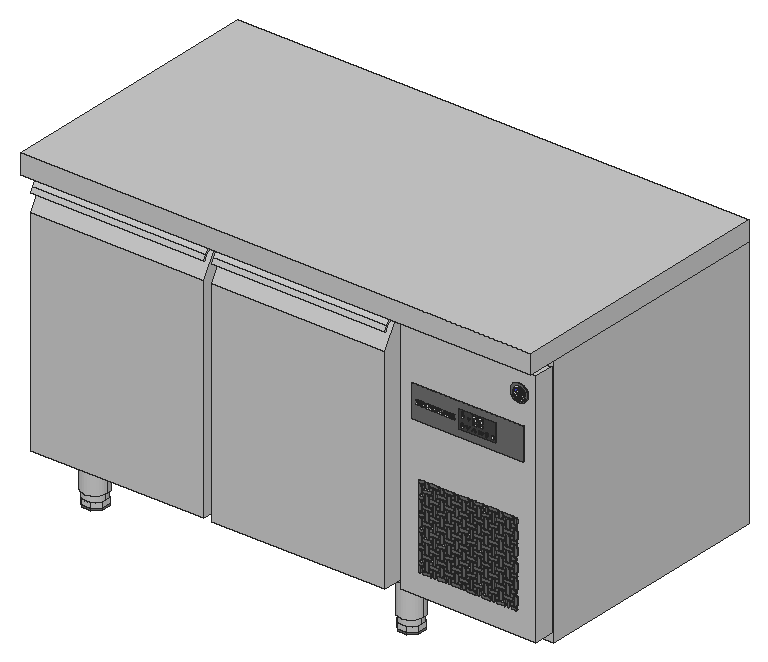
Revit family "QF_HOSHIZAKI_899000840", category Specialty Equipment, Revit 2016 (continued)
Definition of nested family "QF_HOSHIZAKI_ADVANCE_REF-COUNTER-DOORS-DRAWERS"
  Definition of nested family "3_Drawers_1-3"
    Parameters (values of type "3 Drawers 1-3")
      Section size [instance] = 446 mm
      Model = ""
      Manufacturer = "DEMO CONSULTANT"
      Legs height [instance] = 150 mm
      Height Actual [instance] = 850 mm
      Description = ""
      Depth Actual [instance] = 700 mm
      Assembly Code = "E1090320"
      3 Drawers = yes
    Reference planes
      plane 1 "Back": y = 0
      plane 2: z = 0
      plane 3 "Left": x = 0
      plane 4 "Right": x = 446
      plane 5 "Front": y = -700
      plane 6 "Top": z = 850
      plane 7 "Front door": y = -633
      plane 8 "Bottom shelf": z = 150
      plane 9 "Worktop bottom": z = 800
      plane 10: z = 784
      plane 11: z = 170
      plane 12: z = 584
      plane 13: z = 577
      plane 14: z = 370
      plane 15: z = 377
      plane 16: z = 580.5
      plane 17: z = 373.5
      plane 18: z = 166.5
      plane 19: z = 787.5
    Forms (mm)
      Extrusion 1, solid, visible <- "3 Drawers"
        sketch origin (860, -633, 4000) x (-1, 0, 0) y (0, 0, 1)
          loop
            line (852, -3224) -> (422, -3224) -> (422, -3408) -> (852, -3408) -> (852, -3224)
          loop
            line (823, -3253) -> (451, -3253) -> (451, -3379) -> (823, -3379) -> (823, -3253)
        from 0 to -11
      Extrusion 2, solid, visible <- "3 Drawers"
        sketch origin (0, 0, 0) x (0, 1, 0) y (0, 0, 1)
          loop
            line (-644, 784) -> (-675.296, 784)
            arc (-675.296, 784) -> (-683.245, 781.721) -> (-688.778, 775.576) r 15
            line (-688.778, 775.576) -> (-694, 764.869) -> (-692.202, 763.992) -> (-686.981, 774.699)
            arc (-686.981, 774.699) -> (-682.185, 780.025) -> (-675.296, 782) r 13
            line (-675.296, 782) -> (-656.484, 782) -> (-694, 717.02) -> (-694, 584) -> (-644, 584) -> (-644, 784)
        from 0 to 446
      Extrusion 3, solid, visible <- "3 Drawers"
        sketch origin (0, 0, -237.3) x (0, 1, 0) y (0, 0, 1)
          loop
            line (-644, 814.3) -> (-675.296, 814.3)
            arc (-675.296, 814.3) -> (-683.245, 812.021) -> (-688.778, 805.876) r 15
            line (-688.778, 805.876) -> (-694, 795.169) -> (-692.202, 794.292) -> (-686.981, 804.999)
            arc (-686.981, 804.999) -> (-682.185, 810.325) -> (-675.296, 812.3) r 13
            line (-675.296, 812.3) -> (-656.484, 812.3) -> (-694, 747.32) -> (-694, 614.3) -> (-644, 614.3) -> (-644, 814.3)
        from 0 to 446
      Extrusion 4, solid, visible <- "3 Drawers"
        sketch origin (0, 0, -463.333) x (0, 1, 0) y (0, 0, 1)
          loop
            line (-644, 833.333) -> (-675.296, 833.333)
            arc (-675.296, 833.333) -> (-683.245, 831.054) -> (-688.778, 824.909) r 15
            line (-688.778, 824.909) -> (-694, 814.202) -> (-692.202, 813.326) -> (-686.981, 824.032)
            arc (-686.981, 824.032) -> (-682.185, 829.358) -> (-675.296, 831.333) r 13
            line (-675.296, 831.333) -> (-656.484, 831.333) -> (-694, 766.353) -> (-694, 633.333) -> (-644, 633.333) -> (-644, 833.333)
        from 0 to 446
      Extrusion 5, solid, visible <- "3 Drawers"
        sketch origin (860, -633, 3773.7) x (-1, 0, 0) y (0, 0, 1)
          loop
            line (852, -3204.7) -> (422, -3204.7) -> (422, -3388.7) -> (852, -3388.7) -> (852, -3204.7)
          loop
            line (823, -3233.7) -> (451, -3233.7) -> (451, -3359.7) -> (823, -3359.7) -> (823, -3233.7)
        from 0 to -11
      Extrusion 6, solid, visible <- "3 Drawers"
        sketch origin (860, -633, 3547) x (-1, 0, 0) y (0, 0, 1)
          loop
            line (852, -3185) -> (422, -3185) -> (422, -3369) -> (852, -3369) -> (852, -3185)
          loop
            line (823, -3214) -> (451, -3214) -> (451, -3340) -> (823, -3340) -> (823, -3214)
        from 0 to -11
      Extrusion 7, solid, visible <- "3 Drawers", detail levels coarse
        sketch origin (0, -608.657, 584) x (0, 1, 0) y (-1, 0, 0)
          loop
            line (-85.343, 0) -> (-551.343, 0) -> (-551.343, -446) -> (-85.343, -446) -> (-85.343, 0)
        from 0 to 200
      Extrusion 8, solid, visible <- "3 Drawers", detail levels coarse
        sketch origin (0, -503.657, 377) x (0, 1, 0) y (-1, 0, 0)
          loop
            line (-190.343, 0) -> (-656.343, 0) -> (-656.343, -446) -> (-190.343, -446) -> (-190.343, 0)
        from 0 to 200
      Extrusion 9, solid, visible <- "3 Drawers", detail levels coarse
        sketch origin (0, -343.657, 170) x (0, 1, 0) y (-1, 0, 0)
          loop
            line (-350.343, 0) -> (-816.343, 0) -> (-816.343, -446) -> (-350.343, -446) -> (-350.343, 0)
        from 0 to 200
    Lines and regions (mm)
      symbolic lines, visible <- "3 Drawers"
        curve 1: line (0, -808, 850) -> (0, -854, 850)
        curve 2: line (0, -854, 850) -> (446, -854, 850)
        curve 3: line (446, -854, 850) -> (446, -808, 850)
        curve 4: line (446, -808, 850) -> (0, -808, 850)
        curve 5: line (416, -808, 850) -> (416, -700, 850)
        curve 6: line (30, -808, 850) -> (30, -700, 850)
        curve 7: line (0, -961, 850) -> (0, -1007, 850)
        curve 8: line (0, -1007, 850) -> (446, -1007, 850)
        curve 9: line (446, -1007, 850) -> (446, -961, 850)
        curve 10: line (446, -961, 850) -> (0, -961, 850)
        curve 11: line (416, -961, 850) -> (416, -854, 850)
        curve 12: line (30, -961, 850) -> (30, -854, 850)
        curve 13: line (0, -1114, 850) -> (0, -1160, 850)
        curve 14: line (0, -1160, 850) -> (446, -1160, 850)
        curve 15: line (446, -1160, 850) -> (446, -1114, 850)
        curve 16: line (446, -1114, 850) -> (0, -1114, 850)
        curve 17: line (416, -1114, 850) -> (416, -1007, 850)
        curve 18: line (30, -1114, 850) -> (30, -1007, 850)
    Dimensions and locks
      "Section size": plane 3 "Left" to plane 4 "Right"
      "Depth Actual": plane 5 "Front" to plane 1 "Back"
      "Height Actual": plane 6 "Top" to level
      locked: plane 7 "Front door" to plane 5 "Front" at 67
      "Legs height": plane 8 "Bottom shelf" to plane 2
      "Worktop thickness": plane 6 "Top" to plane 9 "Worktop bottom"
      locked: plane 11 to plane 8 "Bottom shelf" at 20
      locked: plane 9 "Worktop bottom" to plane 10 at 16
      locked: plane 12 to plane 13 at 7
      locked: plane 15 to plane 14 at 7
      locked: plane 11 to plane 18 at 3.5
      equal spacing: plane 12, plane 16, plane 13
      equal spacing: plane 15, plane 17, plane 14
      locked: plane 19 to plane 10 at 3.5
      equal spacing: plane 19, plane 16, plane 17, plane 18
      aligned and locked: level to plane 2
      aligned and locked: Extrusion 2 to plane 4 "Right"
      aligned and locked: Extrusion 3 to plane 4 "Right"
      aligned and locked: Extrusion 4 to plane 4 "Right"
      aligned and locked: plane 4 "Right" to Extrusion 7 sketch curve
      aligned and locked: plane 3 "Left" to Extrusion 7 sketch curve
      aligned and locked: Extrusion 7 to plane 10
      aligned and locked: Extrusion 8 to plane 13
      aligned and locked: Extrusion 9 to plane 14
      aligned and locked: plane 10 to Extrusion 2 sketch curve
      aligned and locked: Extrusion 2 sketch curve to plane 12
      aligned and locked: Extrusion 3 sketch curve to plane 15
      aligned and locked: plane 13 to Extrusion 3 sketch curve
    Automatic sketch dimensions
      plane 4 "Right" to Extrusion 1 sketch curve = 8 mm
      plane 4 "Right" to Extrusion 1 sketch curve = 37 mm
      plane 3 "Left" to Extrusion 1 sketch curve = 37 mm
      plane 3 "Left" to Extrusion 1 sketch curve = 8 mm
      plane 12 to Extrusion 1 sketch curve = 8 mm
      plane 12 to Extrusion 1 sketch curve = 37 mm
      Extrusion 1 sketch curve to plane 10 = 37 mm
      Extrusion 1 sketch curve to plane 10 = 8 mm
      plane 4 "Right" to Extrusion 5 sketch curve = 8 mm
      plane 4 "Right" to Extrusion 5 sketch curve = 37 mm
      plane 3 "Left" to Extrusion 5 sketch curve = 37 mm
      plane 3 "Left" to Extrusion 5 sketch curve = 8 mm
      plane 15 to Extrusion 5 sketch curve = 8 mm
      plane 15 to Extrusion 5 sketch curve = 37 mm
      Extrusion 5 sketch curve to plane 13 = 37 mm
      Extrusion 5 sketch curve to plane 13 = 8 mm
      plane 4 "Right" to Extrusion 6 sketch curve = 8 mm
      plane 4 "Right" to Extrusion 6 sketch curve = 37 mm
      plane 3 "Left" to Extrusion 6 sketch curve = 37 mm
      plane 3 "Left" to Extrusion 6 sketch curve = 8 mm
      plane 11 to Extrusion 6 sketch curve = 8 mm
      plane 11 to Extrusion 6 sketch curve = 37 mm
      Extrusion 6 sketch curve to plane 14 = 37 mm
      Extrusion 6 sketch curve to plane 14 = 8 mm
      Extrusion 7 sketch curve to plane 5 "Front" = 460 mm
      plane 5 "Front" to Extrusion 7 sketch curve = 6 mm
      Extrusion 8 sketch curve to plane 3 "Left" = 0 mm
      Extrusion 8 sketch curve to plane 4 "Right" = 0 mm
      Extrusion 8 sketch curve to plane 5 "Front" = 460 mm
      plane 5 "Front" to Extrusion 8 sketch curve = 6 mm
      Extrusion 9 sketch curve to plane 3 "Left" = 0 mm
      Extrusion 9 sketch curve to plane 4 "Right" = 0 mm
      Extrusion 9 sketch curve to plane 5 "Front" = 460 mm
      plane 5 "Front" to Extrusion 9 sketch curve = 6 mm
      curve 13 to plane 3 "Left" = 0 mm
      curve 14 to plane 4 "Right" = 0 mm
      curve 7 to plane 3 "Left" = 0 mm
      curve 8 to plane 4 "Right" = 0 mm
      curve 1 to plane 3 "Left" = 0 mm
      curve 3 to plane 4 "Right" = 0 mm
      curve 6 to plane 5 "Front" = 0 mm
      curve 5 to plane 5 "Front" = 0 mm
      curve 1 to plane 5 "Front" = 108 mm
      curve 2 to curve 3 = 46 mm
      curve 7 to curve 1 = 107 mm
      curve 9 to curve 9 = 46 mm
      curve 16 to curve 7 = 107 mm
      curve 14 to curve 13 = 46 mm
      curve 8 to curve 17 = 30 mm
      curve 9 to curve 11 = 30 mm
      curve 3 to curve 5 = 30 mm
      plane 3 "Left" to curve 6 = 30 mm
      plane 3 "Left" to curve 18 = 30 mm
      plane 3 "Left" to curve 12 = 30 mm
      Extrusion 2 sketch curve to Extrusion 2 sketch curve = 0 mm  (x3)
      plane 5 "Front" to Extrusion 2 sketch curve = 6 mm  (x2)
      Extrusion 2 sketch curve to Extrusion 2 sketch curve = 1.798 mm  (x2)
      Extrusion 2 sketch curve to Extrusion 2 sketch curve = 11.684 mm
      plane 5 "Front" to Extrusion 2 sketch curve = 43.516 mm
      plane 5 "Front" to Extrusion 2 sketch curve = 56 mm
      Extrusion 2 sketch curve to plane 10 = 66.98 mm
      Extrusion 3 sketch curve to Extrusion 3 sketch curve = 0 mm  (x4)
      Extrusion 3 sketch curve to Extrusion 3 sketch curve = 1.798 mm  (x2)
      plane 5 "Front" to Extrusion 3 sketch curve = 11.222 mm
      Extrusion 3 sketch curve to Extrusion 3 sketch curve = 18.812 mm
      Extrusion 3 sketch curve to plane 7 "Front door" = 11 mm
      Extrusion 3 sketch curve to Extrusion 3 sketch curve = 46.972 mm
      Extrusion 4 sketch curve to Extrusion 4 sketch curve = 0 mm  (x2)
      Extrusion 4 sketch curve to plane 11 = 0 mm
      Extrusion 4 sketch curve to plane 14 = 0 mm
      Extrusion 4 sketch curve to plane 7 "Front door" = 61 mm  (x2)
      Extrusion 4 sketch curve to Extrusion 4 sketch curve = 1.798 mm  (x2)
      Extrusion 4 sketch curve to plane 14 = 8.424 mm
      Extrusion 4 sketch curve to Extrusion 4 sketch curve = 5.222 mm
      Extrusion 4 sketch curve to plane 14 = 9.301 mm
      Extrusion 4 sketch curve to plane 7 "Front door" = 42.296 mm
      Extrusion 4 sketch curve to plane 7 "Front door" = 23.484 mm
      Extrusion 4 sketch curve to plane 7 "Front door" = 11 mm
      Extrusion 4 sketch curve to Extrusion 4 sketch curve = 46.972 mm
      plane 5 "Front" to Extrusion 2 sketch curve = 11.222 mm
      plane 5 "Front" to Extrusion 3 sketch curve = 7.798 mm
      plane 5 "Front" to Extrusion 3 sketch curve = 6 mm
      Extrusion 3 sketch curve to Extrusion 3 sketch curve = 11.684 mm
      Extrusion 3 sketch curve to Extrusion 3 sketch curve = 66.98 mm
      Extrusion 3 sketch curve to Extrusion 3 sketch curve = 0.877 mm
      Extrusion 2 sketch curve to plane 10 = 20.008 mm
      Extrusion 2 sketch curve to Extrusion 2 sketch curve = 0.877 mm
  Definition of nested family "2_Drawers_1-2"
    Parameters (values of type "2 Drawers 1-2")
      Worktop thickness [instance] = 50 mm
      URL = "www.specifiglobal.com"
      Section size [instance] = 446 mm
      Model = ""
      Manufacturer = "DEMO CONSULTANT"
      Legs height [instance] = 150 mm
      Height Actual [instance] = 850 mm
      Description = ""
      Depth Actual [instance] = 700 mm
      Assembly Code = "E1090320"
      2 Drawers = yes
    Reference planes
      plane 1 "Back": y = 0
      plane 2: z = 0
      plane 3 "Left": x = 0
      plane 4 "Right": x = 446
      plane 5 "Front": y = -700
      plane 6 "Top": z = 850
      plane 7 "Front door": y = -633
      plane 8 "Bottom shelf": z = 150
      plane 9 "Worktop bottom": z = 800
      plane 10: z = 784
      plane 11: z = 170
      plane 12: z = 481
      plane 13: z = 473
      plane 14: z = 477
      plane 15: z = 792
      plane 16: z = 160
    Forms (mm)
      Extrusion 1, solid, visible <- "2 Drawers"
        sketch origin (860, -633, 4000) x (-1, 0, 0) y (0, 0, 1)
          loop
            line (852, -3224) -> (422, -3224) -> (422, -3511) -> (852, -3511) -> (852, -3224)
          loop
            line (823, -3253) -> (451, -3253) -> (451, -3482) -> (823, -3482) -> (823, -3253)
        from 0 to -11
      Extrusion 2, solid, visible <- "2 Drawers"
        sketch origin (0, 0, 0) x (0, 1, 0) y (0, 0, 1)
          loop
            line (-644, 784) -> (-675.296, 784)
            arc (-675.296, 784) -> (-683.245, 781.721) -> (-688.778, 775.576) r 15
            line (-688.778, 775.576) -> (-694, 764.869) -> (-692.202, 763.992) -> (-686.981, 774.699)
            arc (-686.981, 774.699) -> (-682.185, 780.025) -> (-675.296, 782) r 13
            line (-675.296, 782) -> (-656.484, 782) -> (-694, 717.02) -> (-694, 481) -> (-644, 481) -> (-644, 784)
        from 0 to 446
      Extrusion 3, solid, visible <- "2 Drawers"
        sketch origin (0, 0, -463.333) x (0, 1, 0) y (0, 0, 1)
          loop
            line (-644, 936.333) -> (-675.296, 936.333)
            arc (-675.296, 936.333) -> (-683.245, 934.054) -> (-688.778, 927.909) r 15
            line (-688.778, 927.909) -> (-694, 917.202) -> (-692.202, 916.326) -> (-686.981, 927.032)
            arc (-686.981, 927.032) -> (-682.185, 932.358) -> (-675.296, 934.333) r 13
            line (-675.296, 934.333) -> (-656.484, 934.333) -> (-694, 869.353) -> (-694, 633.333) -> (-644, 633.333) -> (-644, 936.333)
        from 0 to 446
      Extrusion 4, solid, visible <- "2 Drawers"
        sketch origin (860, -633, 3547) x (-1, 0, 0) y (0, 0, 1)
          loop
            line (852, -3082) -> (422, -3082) -> (422, -3369) -> (852, -3369) -> (852, -3082)
          loop
            line (823, -3111) -> (451, -3111) -> (451, -3340) -> (823, -3340) -> (823, -3111)
        from 0 to -11
      Extrusion 5, solid, visible <- "2 Drawers", detail levels coarse
        sketch origin (0, -608.657, 481) x (0, 1, 0) y (-1, 0, 0)
          loop
            line (-85.343, 0) -> (-551.343, 0) -> (-551.343, -446) -> (-85.343, -446) -> (-85.343, 0)
        from 0 to 303
      Extrusion 6, solid, visible <- "2 Drawers", detail levels coarse
        sketch origin (0, -343.657, 170) x (0, 1, 0) y (-1, 0, 0)
          loop
            line (-350.343, 0) -> (-816.343, 0) -> (-816.343, -446) -> (-350.343, -446) -> (-350.343, 0)
        from 0 to 303
    Lines and regions (mm)
      symbolic lines, visible <- "2 Drawers"
        curve 1: line (0, -884, 850) -> (0, -930, 850)
        curve 2: line (0, -930, 850) -> (446, -930, 850)
        curve 3: line (446, -930, 850) -> (446, -884, 850)
        curve 4: line (446, -884, 850) -> (0, -884, 850)
        curve 5: line (416, -884, 850) -> (416, -700, 850)
        curve 6: line (30, -884, 850) -> (30, -700, 850)
        curve 7: line (0, -1114, 850) -> (0, -1160, 850)
        curve 8: line (0, -1160, 850) -> (446, -1160, 850)
        curve 9: line (446, -1160, 850) -> (446, -1114, 850)
        curve 10: line (446, -1114, 850) -> (0, -1114, 850)
        curve 11: line (416, -1114, 850) -> (416, -930, 850)
        curve 12: line (30, -1114, 850) -> (30, -930, 850)
    Dimensions and locks
      "Section size": plane 3 "Left" to plane 4 "Right"
      "Depth Actual": plane 5 "Front" to plane 1 "Back"
      "Height Actual": plane 6 "Top" to level
      locked: plane 7 "Front door" to plane 5 "Front" at 67
      "Legs height": plane 8 "Bottom shelf" to plane 2
      "Worktop thickness": plane 6 "Top" to plane 9 "Worktop bottom"
      locked: plane 11 to plane 8 "Bottom shelf" at 20
      locked: plane 9 "Worktop bottom" to plane 10 at 16
      equal spacing: plane 9 "Worktop bottom", plane 15, plane 10
      equal spacing: plane 11, plane 16, plane 8 "Bottom shelf"
      plane 12 to plane 13 = 8 mm
      equal spacing: plane 12, plane 14, plane 13
      equal spacing: plane 10, plane 14, plane 11
      aligned and locked: level to plane 2
      aligned and locked: Extrusion 2 to plane 4 "Right"
      aligned and locked: Extrusion 3 to plane 4 "Right"
      aligned and locked: plane 4 "Right" to Extrusion 5 sketch curve
      aligned and locked: plane 3 "Left" to Extrusion 5 sketch curve
      aligned and locked: Extrusion 5 to plane 10
      aligned and locked: Extrusion 6 to plane 13
      aligned and locked: Extrusion 2 sketch curve to plane 12
      aligned and locked: plane 10 to Extrusion 2 sketch curve
      aligned and locked: Extrusion 3 sketch curve to plane 11
      aligned and locked: plane 13 to Extrusion 3 sketch curve
    Automatic sketch dimensions
      plane 4 "Right" to Extrusion 1 sketch curve = 8 mm
      plane 4 "Right" to Extrusion 1 sketch curve = 37 mm
      plane 3 "Left" to Extrusion 1 sketch curve = 37 mm
      plane 3 "Left" to Extrusion 1 sketch curve = 8 mm
      plane 12 to Extrusion 1 sketch curve = 8 mm
      plane 12 to Extrusion 1 sketch curve = 37 mm
      Extrusion 1 sketch curve to plane 10 = 37 mm
      Extrusion 1 sketch curve to plane 10 = 8 mm
      plane 4 "Right" to Extrusion 4 sketch curve = 8 mm
      plane 4 "Right" to Extrusion 4 sketch curve = 37 mm
      plane 3 "Left" to Extrusion 4 sketch curve = 37 mm
      plane 3 "Left" to Extrusion 4 sketch curve = 8 mm
      plane 11 to Extrusion 4 sketch curve = 8 mm
      plane 11 to Extrusion 4 sketch curve = 37 mm
      Extrusion 4 sketch curve to plane 13 = 37 mm
      Extrusion 4 sketch curve to plane 13 = 8 mm
      Extrusion 5 sketch curve to plane 5 "Front" = 460 mm
      plane 5 "Front" to Extrusion 5 sketch curve = 6 mm
      Extrusion 6 sketch curve to plane 3 "Left" = 0 mm
      Extrusion 6 sketch curve to plane 4 "Right" = 0 mm
      Extrusion 6 sketch curve to plane 5 "Front" = 460 mm
      plane 5 "Front" to Extrusion 6 sketch curve = 6 mm
      curve 8 to plane 3 "Left" = 0 mm
      curve 8 to plane 4 "Right" = 0 mm
      curve 3 to plane 4 "Right" = 0 mm
      curve 1 to plane 3 "Left" = 0 mm
      curve 5 to plane 5 "Front" = 0 mm
      curve 6 to plane 5 "Front" = 0 mm
      curve 4 to plane 5 "Front" = 184 mm
      curve 2 to curve 1 = 46 mm
      curve 7 to curve 1 = 184 mm
      curve 9 to curve 9 = 46 mm
      plane 4 "Right" to curve 5 = 30 mm
      plane 4 "Right" to curve 11 = 30 mm
      plane 3 "Left" to curve 12 = 30 mm
      plane 3 "Left" to curve 6 = 30 mm
      Extrusion 2 sketch curve to Extrusion 2 sketch curve = 0 mm  (x2)
      plane 5 "Front" to Extrusion 2 sketch curve = 6 mm  (x2)
      Extrusion 2 sketch curve to Extrusion 2 sketch curve = 1.798 mm  (x2)
      Extrusion 2 sketch curve to Extrusion 2 sketch curve = 5.222 mm
      plane 5 "Front" to Extrusion 2 sketch curve = 24.704 mm
      plane 5 "Front" to Extrusion 2 sketch curve = 43.516 mm
      plane 5 "Front" to Extrusion 2 sketch curve = 56 mm
      Extrusion 2 sketch curve to Extrusion 2 sketch curve = 46.972 mm
      Extrusion 2 sketch curve to Extrusion 2 sketch curve = 0.877 mm
      Extrusion 2 sketch curve to Extrusion 2 sketch curve = 5.699 mm
      plane 5 "Front" to Extrusion 3 sketch curve = 6 mm  (x2)
      Extrusion 3 sketch curve to Extrusion 3 sketch curve = 1.798 mm  (x2)
      Extrusion 3 sketch curve to Extrusion 3 sketch curve = 5.222 mm
      Extrusion 3 sketch curve to Extrusion 3 sketch curve = 11.684 mm
      plane 5 "Front" to Extrusion 3 sketch curve = 43.516 mm
      plane 5 "Front" to Extrusion 3 sketch curve = 56 mm
      Extrusion 3 sketch curve to Extrusion 3 sketch curve = 46.972 mm
      Extrusion 3 sketch curve to Extrusion 3 sketch curve = 0 mm  (x2)
      Extrusion 3 sketch curve to Extrusion 3 sketch curve = 5.699 mm
      Extrusion 3 sketch curve to Extrusion 3 sketch curve = 0.877 mm
  Definition of nested family "3_Drawers_1-3_2-3"
    Parameters (values of type "2 Drawers 1-3 and 2-3")
      Worktop thickness [instance] = 40 mm
      URL = "www.specifiglobal.com"
      Section size [instance] = 421 mm
      Model = ""
      Manufacturer = "DEMO CONSULTANT"
      Legs height [instance] = 150 mm
      Height Actual [instance] = 900 mm
      Description = ""
      Depth Actual [instance] = 700 mm
      Assembly Code = "E1090320"
      2 Drawers 1-3 and 2-3 = yes
    Reference planes
      plane 1 "Back": y = 0
      plane 2: z = 0
      plane 3 "Left": x = 0
      plane 4 "Right": x = 421
      plane 5 "Front": y = -700
      plane 6 "Top": z = 900
      plane 7 "Front door": y = -633
      plane 8 "Bottom shelf": z = 150
      plane 9 "Worktop bottom": z = 860
      plane 10: z = 841
      plane 11: z = 186
      plane 12: z = 627
      plane 13: z = 620
      plane 14: z = 623.5
      plane 15: z = 850.5
      plane 16: z = 168
    Forms (mm)
      Extrusion 1, solid, visible <- "2 Drawers 1-3 and 2-3"
        sketch origin (860, -633, 4000) x (-1, 0, 0) y (0, 0, 1)
          loop
            line (852, -3167) -> (447, -3167) -> (447, -3365) -> (852, -3365) -> (852, -3167)
          loop
            line (823, -3196) -> (476, -3196) -> (476, -3336) -> (823, -3336) -> (823, -3196)
        from 0 to -11
      Extrusion 2, solid, visible <- "2 Drawers 1-3 and 2-3"
        sketch origin (0, 0, 0) x (0, 1, 0) y (0, 0, 1)
          loop
            line (-644, 841) -> (-675.296, 841)
            arc (-675.296, 841) -> (-683.245, 838.721) -> (-688.778, 832.576) r 15
            line (-688.778, 832.576) -> (-694, 821.869) -> (-692.202, 820.992) -> (-686.981, 831.699)
            arc (-686.981, 831.699) -> (-682.185, 837.025) -> (-675.296, 839) r 13
            line (-675.296, 839) -> (-656.484, 839) -> (-694, 774.02) -> (-694, 627) -> (-644, 627) -> (-644, 841)
        from 0 to 421
      Extrusion 3, solid, visible <- "2 Drawers 1-3 and 2-3"
        sketch origin (0, 0, -463.333) x (0, 1, 0) y (0, 0, 1)
          loop
            line (-644, 1083.333) -> (-675.296, 1083.333)
            arc (-675.296, 1083.333) -> (-683.245, 1081.054) -> (-688.778, 1074.909) r 15
            line (-688.778, 1074.909) -> (-694, 1064.202) -> (-692.202, 1063.326) -> (-686.981, 1074.032)
            arc (-686.981, 1074.032) -> (-682.185, 1079.358) -> (-675.296, 1081.333) r 13
            line (-675.296, 1081.333) -> (-656.484, 1081.333) -> (-694, 1016.353) -> (-694, 649.333) -> (-644, 649.333) -> (-644, 1083.333)
        from 0 to 421
      Extrusion 4, solid, visible <- "2 Drawers 1-3 and 2-3"
        sketch origin (860, -633, 3547) x (-1, 0, 0) y (0, 0, 1)
          loop
            line (852, -2935) -> (447, -2935) -> (447, -3353) -> (852, -3353) -> (852, -2935)
          loop
            line (823, -2964) -> (476, -2964) -> (476, -3324) -> (823, -3324) -> (823, -2964)
        from 0 to -11
      Extrusion 5, solid, visible <- "2 Drawers 1-3 and 2-3", detail levels coarse
        sketch origin (0, -608.657, 627) x (0, 1, 0) y (-1, 0, 0)
          loop
            line (-85.343, 0) -> (-551.343, 0) -> (-551.343, -421) -> (-85.343, -421) -> (-85.343, 0)
        from 0 to 214
      Extrusion 6, solid, visible <- "2 Drawers 1-3 and 2-3", detail levels coarse
        sketch origin (0, -343.657, 186) x (0, 1, 0) y (-1, 0, 0)
          loop
            line (-350.343, 0) -> (-816.343, 0) -> (-816.343, -421) -> (-350.343, -421) -> (-350.343, 0)
        from 0 to 434
    Lines and regions (mm)
      symbolic lines, visible <- "2 Drawers 1-3 and 2-3"
        curve 1: line (0, -804, 900) -> (0, -850, 900)
        curve 2: line (0, -850, 900) -> (421, -850, 900)
        curve 3: line (421, -850, 900) -> (421, -804, 900)
        curve 4: line (421, -804, 900) -> (0, -804, 900)
        curve 5: line (391, -804, 900) -> (391, -700, 900)
        curve 6: line (30, -804, 900) -> (30, -700, 900)
        curve 7: line (0, -1114, 900) -> (0, -1160, 900)
        curve 8: line (0, -1160, 900) -> (421, -1160, 900)
        curve 9: line (421, -1160, 900) -> (421, -1114, 900)
        curve 10: line (421, -1114, 900) -> (0, -1114, 900)
        curve 11: line (391, -1114, 900) -> (391, -850, 900)
        curve 12: line (30, -1114, 900) -> (30, -850, 900)
    Dimensions and locks
      "Section size": plane 3 "Left" to plane 4 "Right"
      "Depth Actual": plane 5 "Front" to plane 1 "Back"
      "Height Actual": plane 6 "Top" to level
      locked: plane 7 "Front door" to plane 5 "Front" at 67
      "Legs height": plane 8 "Bottom shelf" to plane 2
      "Worktop thickness": plane 6 "Top" to plane 9 "Worktop bottom"
      locked: plane 11 to plane 8 "Bottom shelf" at 36
      locked: plane 9 "Worktop bottom" to plane 10 at 19
      locked: plane 12 to plane 13 at 7
      equal spacing: plane 9 "Worktop bottom", plane 15, plane 10
      equal spacing: plane 11, plane 16, plane 8 "Bottom shelf"
      locked: Extrusion 4 sketch curve to plane 13 at 37
      locked: Extrusion 4 sketch curve to plane 13 at 8
      equal spacing: plane 12, plane 14, plane 13
      locked: plane 10 to plane 12 at 214
      aligned and locked: level to plane 2
      aligned and locked: Extrusion 2 to plane 4 "Right"
      aligned and locked: Extrusion 3 to plane 4 "Right"
      aligned and locked: plane 4 "Right" to Extrusion 5 sketch curve
      aligned and locked: plane 3 "Left" to Extrusion 5 sketch curve
      aligned and locked: Extrusion 5 to plane 10
      aligned and locked: Extrusion 6 to plane 13
      aligned and locked: plane 10 to Extrusion 2 sketch curve
      aligned and locked: Extrusion 2 sketch curve to plane 12
      aligned and locked: Extrusion 3 sketch curve to plane 11
      aligned and locked: plane 13 to Extrusion 3 sketch curve
    Automatic sketch dimensions
      plane 4 "Right" to Extrusion 1 sketch curve = 8 mm
      plane 4 "Right" to Extrusion 1 sketch curve = 37 mm
      plane 3 "Left" to Extrusion 1 sketch curve = 37 mm
      plane 3 "Left" to Extrusion 1 sketch curve = 8 mm
      plane 12 to Extrusion 1 sketch curve = 8 mm
      plane 12 to Extrusion 1 sketch curve = 37 mm
      Extrusion 1 sketch curve to plane 10 = 37 mm
      Extrusion 1 sketch curve to plane 10 = 8 mm
      plane 4 "Right" to Extrusion 4 sketch curve = 8 mm
      plane 4 "Right" to Extrusion 4 sketch curve = 37 mm
      plane 3 "Left" to Extrusion 4 sketch curve = 37 mm
      plane 3 "Left" to Extrusion 4 sketch curve = 8 mm
      plane 11 to Extrusion 4 sketch curve = 8 mm
      plane 11 to Extrusion 4 sketch curve = 37 mm
      Extrusion 5 sketch curve to plane 5 "Front" = 460 mm
      plane 5 "Front" to Extrusion 5 sketch curve = 6 mm
      Extrusion 6 sketch curve to plane 3 "Left" = 0 mm
      Extrusion 6 sketch curve to plane 4 "Right" = 0 mm
      Extrusion 6 sketch curve to plane 5 "Front" = 460 mm
      plane 5 "Front" to Extrusion 6 sketch curve = 6 mm
      curve 8 to plane 3 "Left" = 0 mm
      curve 8 to plane 4 "Right" = 0 mm
      curve 3 to plane 4 "Right" = 0 mm
      curve 1 to plane 3 "Left" = 0 mm
      curve 5 to plane 5 "Front" = 0 mm
      curve 6 to plane 5 "Front" = 0 mm
      curve 4 to plane 5 "Front" = 104 mm
      curve 2 to curve 1 = 46 mm
      curve 7 to curve 1 = 264 mm
      curve 9 to curve 9 = 46 mm
      curve 3 to curve 5 = 30 mm
      plane 4 "Right" to curve 11 = 30 mm
      plane 3 "Left" to curve 12 = 30 mm
      plane 3 "Left" to curve 6 = 30 mm
      Extrusion 2 sketch curve to Extrusion 2 sketch curve = 0 mm  (x2)
      Extrusion 2 sketch curve to plane 7 "Front door" = 61 mm  (x2)
      Extrusion 2 sketch curve to Extrusion 2 sketch curve = 1.798 mm  (x2)
      Extrusion 2 sketch curve to Extrusion 2 sketch curve = 5.222 mm
      Extrusion 2 sketch curve to Extrusion 2 sketch curve = 11.684 mm
      Extrusion 2 sketch curve to Extrusion 2 sketch curve = 18.812 mm
      Extrusion 2 sketch curve to Extrusion 2 sketch curve = 50 mm
      Extrusion 2 sketch curve to Extrusion 2 sketch curve = 46.972 mm
      Extrusion 2 sketch curve to Extrusion 2 sketch curve = 0.877 mm
      Extrusion 2 sketch curve to Extrusion 2 sketch curve = 5.699 mm
      Extrusion 3 sketch curve to Extrusion 3 sketch curve = 0 mm  (x2)
      plane 5 "Front" to Extrusion 3 sketch curve = 6 mm  (x2)
      Extrusion 3 sketch curve to Extrusion 3 sketch curve = 1.798 mm  (x2)
      plane 5 "Front" to Extrusion 3 sketch curve = 11.222 mm
      Extrusion 3 sketch curve to Extrusion 3 sketch curve = 11.684 mm
      Extrusion 3 sketch curve to Extrusion 3 sketch curve = 18.812 mm
      Extrusion 3 sketch curve to plane 7 "Front door" = 11 mm
      Extrusion 3 sketch curve to Extrusion 3 sketch curve = 57.679 mm
      Extrusion 3 sketch curve to Extrusion 3 sketch curve = 10.706 mm
      Extrusion 3 sketch curve to Extrusion 3 sketch curve = 5.699 mm
  Definition of nested family "Right_Glass_Door"
    Parameters (values of type "Right glass door")
      Worktop thickness [instance] = 40 mm
      URL = "www.specifiglobal.com"
      Section size [instance] = 421 mm
      Right hand hinged glass door = yes
      Model = ""
      Manufacturer = "DEMO CONSULTANT"
      Legs height [instance] = 150 mm
      Height Actual [instance] = 900 mm
      Description = ""
      Depth Actual [instance] = 700 mm
      Assembly Code = "E1090320"
    Reference planes
      plane 1 "Back": y = 0
      plane 2: z = 0
      plane 3 "Left": x = 0
      plane 4 "Right": x = 421
      plane 5 "Front": y = -700
      plane 6 "Top": z = 900
      plane 7 "Front door": y = -633
      plane 8 "Bottom shelf": z = 150
      plane 9 "Worktop bottom": z = 860
      plane 10: z = 841
      plane 11: z = 186
    Forms (mm)
      Extrusion 1, solid, visible <- "Right hand hinged glass door", detail levels coarse
        sketch origin (0, -608.657, 186) x (0, 1, 0) y (-1, 0, 0)
          loop
            arc (-85.343, 0) -> (-383.035, -123.308) -> (-506.343, -421) r 421
            line (-506.343, -421) -> (-85.343, -421) -> (-85.343, 0)
        from 0 to 655
      Extrusion 2, solid, visible <- "Right hand hinged glass door"
        sketch origin (860, -633, 4000) x (-1, 0, 0) y (0, 0, 1)
          loop
            line (852, -3167) -> (447, -3167) -> (447, -3806) -> (852, -3806) -> (852, -3167)
          loop
            line (823, -3196) -> (476, -3196) -> (476, -3777) -> (823, -3777) -> (823, -3196)
        from 0 to -11
      Extrusion 3, solid, visible <- "Right hand hinged glass door"
        sketch origin (0, -633, 0) x (-1, 0, 0) y (0, 0, 1)
          loop
            line (0, 841) -> (-421, 841) -> (-421, 186) -> (0, 186) -> (0, 841)
          loop
            line (-50, 791) -> (-371, 791) -> (-371, 236) -> (-50, 236) -> (-50, 791)
        from -11 to -61
      Extrusion 4, solid, visible <- "Right hand hinged glass door"
        sketch origin (0, -633, 0) x (-1, 0, 0) y (0, 0, 1)
          loop
            line (-50, 791) -> (-371, 791) -> (-371, 236) -> (-50, 236) -> (-50, 791)
        from -51 to -61
    Lines and regions (mm)
      symbolic lines, visible <- "Right hand hinged glass door"
        curve 1: line (421, -700, 900) -> (421, -1115, 900)
        curve 2: arc (0.043, -700, 900) -> (125.437, -993.806, 900) -> (421, -1115, 900) r 421
    Dimensions and locks
      "Section size": plane 3 "Left" to plane 4 "Right"
      "Depth Actual": plane 5 "Front" to plane 1 "Back"
      "Height Actual": plane 6 "Top" to level
      locked: plane 7 "Front door" to plane 5 "Front" at 67
      "Legs height": plane 8 "Bottom shelf" to plane 2
      "Worktop thickness": plane 6 "Top" to plane 9 "Worktop bottom"
      locked: plane 11 to plane 8 "Bottom shelf" at 36
      locked: plane 9 "Worktop bottom" to plane 10 at 19
      locked: plane 11 to Extrusion 4 sketch curve at 50
      locked: Extrusion 4 sketch curve to plane 3 "Left" at 50
      locked: Extrusion 4 sketch curve to plane 10 at 50
      locked: plane 4 "Right" to Extrusion 4 sketch curve at 50
      aligned and locked: level to plane 2
      aligned and locked: Extrusion 1 to plane 10
      aligned and locked: Extrusion 3 sketch curve to Extrusion 1  (x2)
      aligned and locked: curve 2 to Extrusion 1
    Automatic sketch dimensions
      plane 4 "Right" to Extrusion 2 sketch curve = 8 mm
      plane 4 "Right" to Extrusion 2 sketch curve = 37 mm
      plane 3 "Left" to Extrusion 2 sketch curve = 37 mm
      plane 3 "Left" to Extrusion 2 sketch curve = 8 mm
      plane 11 to Extrusion 2 sketch curve = 8 mm
      plane 11 to Extrusion 2 sketch curve = 37 mm
      Extrusion 2 sketch curve to plane 10 = 37 mm
      Extrusion 2 sketch curve to plane 10 = 8 mm
      plane 4 "Right" to Extrusion 3 sketch curve = 50 mm
      plane 3 "Left" to Extrusion 3 sketch curve = 50 mm
      plane 11 to Extrusion 3 sketch curve = 50 mm
      Extrusion 3 sketch curve to plane 10 = 50 mm
      Extrusion 1 sketch curve to plane 4 "Right" = 0 mm
      Extrusion 1 sketch curve to plane 3 "Left" = 0 mm
      plane 5 "Front" to Extrusion 1 sketch curve = 6 mm
      plane 4 "Right" to Extrusion 3 sketch curve = 0 mm
      Extrusion 3 sketch curve to plane 3 "Left" = 0 mm
      curve 1 to plane 5 "Front" = 0 mm
      curve 2 to plane 5 "Front" = 0 mm
  Definition of nested family "Left_Glass_Door"
    Parameters (values of type "Left glass door")
      Worktop thickness [instance] = 40 mm
      URL = "www.specifiglobal.com"
      Section size [instance] = 421 mm
      Model = ""
      Manufacturer = "DEMO CONSULTANT"
      Legs height [instance] = 150 mm
      Left hand hinged glass door = yes
      Height Actual [instance] = 900 mm
      Description = ""
      Depth Actual [instance] = 700 mm
      Assembly Code = "E1090320"
    Reference planes
      plane 1 "Back": y = 0
      plane 2: z = 0
      plane 3 "Left": x = 0
      plane 4 "Right": x = 421
      plane 5 "Front": y = -700
      plane 6 "Top": z = 900
      plane 7 "Front door": y = -633
      plane 8 "Bottom shelf": z = 150
      plane 9 "Worktop bottom": z = 860
      plane 10: z = 841
      plane 11: z = 186
    Forms (mm)
      Extrusion 1, solid, visible <- "Left hand hinged glass door"
        sketch origin (860, -633, 4000) x (-1, 0, 0) y (0, 0, 1)
          loop
            line (852, -3167) -> (447, -3167) -> (447, -3806) -> (852, -3806) -> (852, -3167)
          loop
            line (823, -3196) -> (476, -3196) -> (476, -3777) -> (823, -3777) -> (823, -3196)
        from 0 to -11
      Extrusion 2, solid, visible <- "Left hand hinged glass door"
        sketch origin (0, -633, 0) x (-1, 0, 0) y (0, 0, 1)
          loop
            line (0, 841) -> (-421, 841) -> (-421, 186) -> (0, 186) -> (0, 841)
          loop
            line (-50, 791) -> (-371, 791) -> (-371, 236) -> (-50, 236) -> (-50, 791)
        from -11 to -61
      Extrusion 3, solid, visible <- "Left hand hinged glass door"
        sketch origin (0, -633, 0) x (-1, 0, 0) y (0, 0, 1)
          loop
            line (-50, 791) -> (-371, 791) -> (-371, 236) -> (-50, 236) -> (-50, 791)
        from -51 to -61
      Extrusion 4, solid, visible <- "Left hand hinged glass door", detail levels coarse
        sketch origin (0, -608.657, 186) x (0, 1, 0) y (-1, 0, 0)
          loop
            line (-85.343, 0) -> (-506.343, 0)
            arc (-506.343, 0) -> (-383.035, -297.692) -> (-85.343, -421) r 421
            line (-85.343, -421) -> (-85.343, 0)
        from 0 to 655
    Lines and regions (mm)
      symbolic lines, visible <- "Left hand hinged glass door"
        curve 1: line (0, -700, 900) -> (0, -1115, 900)
        curve 2: arc (0, -1115, 900) -> (295.563, -993.806, 900) -> (420.957, -700, 900) r 421
    Dimensions and locks
      "Section size": plane 3 "Left" to plane 4 "Right"
      "Depth Actual": plane 5 "Front" to plane 1 "Back"
      "Height Actual": plane 6 "Top" to level
      locked: plane 7 "Front door" to plane 5 "Front" at 67
      "Legs height": plane 8 "Bottom shelf" to plane 2
      "Worktop thickness": plane 6 "Top" to plane 9 "Worktop bottom"
      locked: plane 11 to plane 8 "Bottom shelf" at 36
      locked: plane 9 "Worktop bottom" to plane 10 at 19
      aligned and locked: level to plane 2
      aligned and locked: Extrusion 4 to plane 10
      aligned and locked: Extrusion 4 to curve 1
      aligned and locked: curve 2 to Extrusion 4
    Automatic sketch dimensions
      plane 4 "Right" to Extrusion 1 sketch curve = 8 mm
      plane 4 "Right" to Extrusion 1 sketch curve = 37 mm
      plane 3 "Left" to Extrusion 1 sketch curve = 37 mm
      plane 3 "Left" to Extrusion 1 sketch curve = 8 mm
      plane 11 to Extrusion 1 sketch curve = 8 mm
      plane 11 to Extrusion 1 sketch curve = 37 mm
      Extrusion 1 sketch curve to plane 10 = 37 mm
      Extrusion 1 sketch curve to plane 10 = 8 mm
      plane 4 "Right" to Extrusion 2 sketch curve = 0 mm
      Extrusion 2 sketch curve to plane 3 "Left" = 0 mm
      Extrusion 2 sketch curve to plane 11 = 0 mm
      Extrusion 2 sketch curve to plane 10 = 0 mm
      plane 4 "Right" to Extrusion 2 sketch curve = 50 mm
      plane 3 "Left" to Extrusion 2 sketch curve = 50 mm
      plane 11 to Extrusion 2 sketch curve = 50 mm
      Extrusion 2 sketch curve to plane 10 = 50 mm
      plane 4 "Right" to Extrusion 3 sketch curve = 50 mm
      plane 3 "Left" to Extrusion 3 sketch curve = 50 mm
      plane 11 to Extrusion 3 sketch curve = 50 mm
      Extrusion 3 sketch curve to plane 10 = 50 mm
      Extrusion 4 sketch curve to plane 3 "Left" = 0 mm
      Extrusion 4 sketch curve to plane 4 "Right" = 0 mm
      plane 5 "Front" to Extrusion 4 sketch curve = 6 mm
      curve 1 to plane 5 "Front" = 0 mm
      curve 2 to plane 5 "Front" = 0 mm
Definition of nested family "QF_HOSHIZAKI_ADVANCE_REF-COUNTER-LEGS"
  Parameters (values of type "760660118-5")
    Weight [instance] = 0.00 kg
    URL Cutsheet [instance] = ""
    URL = "www.hoshizaki-europe.com"
    Status [instance] = ""
    Specification by User [instance] = ""
    Specification by Manufacturer [instance] = ""
    Serial Number [instance] = ""
    Seismic Rating [instance] = ""
    SMACNA No [instance] = ""
    Revision Code [instance] = ""
    NAFEM Spec ID Number [instance] = ""
    Model = "L1"
    Masterspec [instance] = ""
    Manufacturer = "HOSHIZAKI"
    Length Actual [instance] = 1314 mm
    Legs visibility = yes
    Legs inset right [instance] = 430 mm
    Legs inset rear [instance] = 70 mm
    Legs inset left [instance] = 70 mm
    Legs inset front [instance] = 153 mm
    Item Number [instance] = ""
    Installed By [instance] = ""
    Identify Quantity as Lot [instance] = no
    Height Actual [instance] = 150 mm
    Furnished By [instance] = ""
    Foodservice Equipment Identifier [instance] = no
    Description = "SET OF LEGS 130-180MM FOR ADVANCE COUNTER - 2 SECTIONS"
    Depth Actual [instance] = 700 mm
    Cost = 0
    Central Legs [instance] = if(Length Actual > 2300 mm, 2 > 1, 2 < 1)  # no
    CSI MasterFormat [instance] = ""
    Assembly Code = "E1090320"
    Accessory [instance] = yes
  Reference planes
    plane 1 "Back": y = 0
    plane 2: z = 0
    plane 3 "Left": x = 0
    plane 4 "Right": x = 1314
    plane 5 "Front": y = -700
    plane 6 "Top": z = 150
    plane 7 "Left offset": x = 70
    plane 8 "Right offset": x = 884
    plane 9 "Rear offset": y = -70
    plane 10 "Front offset": y = -547
    plane 11 "Central": x = 477
  Dimensions and locks
    "Length Actual": plane 3 "Left" to plane 4 "Right"
    "Depth Actual": plane 5 "Front" to plane 1 "Back"
    "Legs inset left": plane 3 "Left" to plane 7 "Left offset"
    "Legs inset right": plane 8 "Right offset" to plane 4 "Right"
    "Legs inset rear": plane 9 "Rear offset" to plane 1 "Back"
    "Legs inset front": plane 10 "Front offset" to plane 5 "Front"
    "Height Actual": plane 6 "Top" to plane 2
    equal spacing: plane 7 "Left offset", plane 11 "Central", plane 8 "Right offset"
    aligned and locked: level to plane 2
    aligned and locked: nested 1 to plane 9 "Rear offset"
    aligned and locked: nested 2 to plane 9 "Rear offset"
    aligned and locked: nested 1 to plane 7 "Left offset"
    aligned and locked: nested 2 to plane 8 "Right offset"
    aligned and locked: nested 3 to plane 10 "Front offset"
    aligned and locked: nested 4 to plane 10 "Front offset"
    aligned and locked: nested 3 to plane 7 "Left offset"
    aligned and locked: nested 4 to plane 8 "Right offset"
    aligned and locked: nested 6 to plane 11 "Central"
    aligned and locked: nested 5 to plane 11 "Central"
    aligned and locked: nested 5 to plane 9 "Rear offset"
    aligned and locked: nested 6 to plane 10 "Front offset"
  Nested families
    nested 1: "LEGS" at (70, -70, 0), visible <- "Legs visibility", type "LEG"
    nested 2: "LEGS" at (884, -70, 0), visible <- "Legs visibility", type "LEG"
    nested 3: "LEGS" at (70, -547, 0), visible <- "Legs visibility", type "LEG"
    nested 4: "LEGS" at (884, -547, 0), visible <- "Legs visibility", type "LEG"
    nested 5: "LEGS" at (477, -70, 0), visible <- "Central Legs", type "LEG"
    nested 6: "LEGS" at (477, -547, 0), visible <- "Central Legs", type "LEG"
  Definition of nested family "LEGS"
    Parameters (values of type "LEG")
      Legs visibility = yes
      Legs height = 150 mm
    Reference planes
      plane 1 "Center (Front/Back)": y = 0
      plane 2: z = 0
      plane 3 "Center (Left/Right)": x = 0
      plane 4 "Top": z = 150
    Forms (mm)
      Extrusion 1, solid, visible <- "Legs visibility"
        sketch origin (0, 0, 150) x (0, 1, 0) y (-1, 0, 0)
          loop
            line (40, 40) -> (-40, 40) -> (-40, -40) -> (40, -40) -> (40, 40)
        from 0 to -3
      Extrusion 2, solid, visible <- "Legs visibility"
        sketch origin (-199.986, 580, 0) x (1, 0, 0) y (0, 1, 0)
          loop
            circle (199.986, -580) r 28
        from 17.959 to 35
      Extrusion 3, solid, visible <- "Legs visibility"
        sketch origin (-199.986, 580, 0) x (1, 0, 0) y (0, 1, 0)
          loop
            line (171.486, -591.805) -> (188.181, -608.5) -> (211.791, -608.5) -> (228.486, -591.805) -> (228.486, -568.195) -> (211.791, -551.5) -> (188.181, -551.5) -> (171.486, -568.195) -> (171.486, -591.805)
        from 0 to 5
      Sweep 4, solid, visible <- "Legs visibility"
        path origin (0, 0, 0) x (0, 1, 0) y (0, 0, 1)
          loop
            line (0, 147) -> (0, 35)
        profile origin (0, 0, 91) x (1, 0, 0) y (0, 1, 0)
          loop
            circle (0, 0) r 32
      Extrusion 5, solid, visible <- "Legs visibility"
        sketch origin (-199.986, 580, 0) x (1, 0, 0) y (0, 1, 0)
          loop
            line (188.388, -552) -> (171.986, -568.402) -> (171.986, -591.598) -> (188.388, -608) -> (211.584, -608) -> (227.986, -591.598) -> (227.986, -568.402) -> (211.584, -552) -> (188.388, -552)
        from 5 to 17.959
    Dimensions and locks
      "Legs height": plane 4 "Top" to plane 2
      aligned and locked: level to plane 2
    Automatic sketch dimensions
      plane 1 "Center (Front/Back)" to Extrusion 1 sketch curve = 40 mm
      Extrusion 1 sketch curve to plane 1 "Center (Front/Back)" = 40 mm
      plane 3 "Center (Left/Right)" to Extrusion 1 sketch curve = 40 mm
      Extrusion 1 sketch curve to plane 3 "Center (Left/Right)" = 40 mm
      plane 1 "Center (Front/Back)" to Extrusion 2 sketch curve = 0 mm
      Extrusion 2 sketch curve to plane 3 "Center (Left/Right)" = 0 mm
      plane 1 "Center (Front/Back)" to Extrusion 3 sketch curve = 11.805 mm  (x2)
      Extrusion 3 sketch curve to plane 3 "Center (Left/Right)" = 28.5 mm
      Extrusion 3 sketch curve to plane 3 "Center (Left/Right)" = 11.805 mm  (x2)
      plane 3 "Center (Left/Right)" to Extrusion 3 sketch curve = 11.805 mm  (x2)
      Extrusion 3 sketch curve to Extrusion 3 sketch curve = 16.695 mm  (x3)
      Extrusion 3 sketch curve to plane 1 "Center (Front/Back)" = 11.805 mm  (x2)
      Sweep 4 sketch curve to plane 1 "Center (Front/Back)" = 0 mm
      level to Sweep 4 sketch curve = 35 mm
      Sweep 4 sketch curve to plane 4 "Top" = 3 mm
      Sweep 4 sketch curve to plane 3 "Center (Left/Right)" = 0 mm
      profile plane to Sweep 4 sketch curve = 0 mm
      Extrusion 5 sketch curve to plane 3 "Center (Left/Right)" = 11.598 mm  (x2)
      plane 1 "Center (Front/Back)" to Extrusion 5 sketch curve = 11.598 mm  (x2)
      Extrusion 5 sketch curve to Extrusion 5 sketch curve = 16.402 mm  (x3)
      plane 3 "Center (Left/Right)" to Extrusion 5 sketch curve = 11.598 mm  (x2)
      Extrusion 5 sketch curve to plane 1 "Center (Front/Back)" = 11.598 mm  (x2)
      plane 1 "Center (Front/Back)" to Extrusion 5 sketch curve = 28 mm
      radius of Extrusion 2 sketch curve = 28 mm
      radius of Sweep 4 sketch curve = 32 mm
